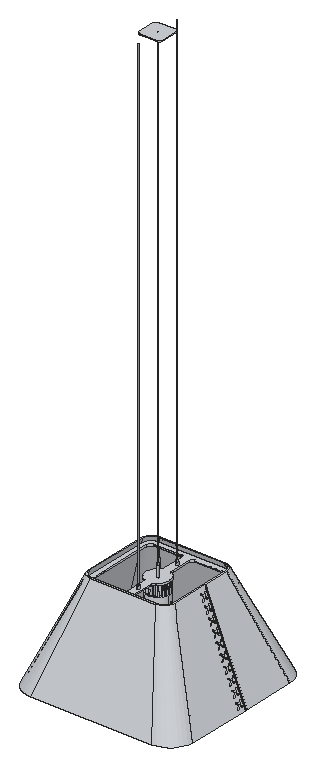
Revit family "BuzziSpace - BuzziShade - Square", category Lighting Fixtures, host Ceiling, Revit 2019 (continued)
Lines and regions (in)
  symbolic lines, visible <- "Beam", detail levels fine
    curve 139: spline (-25.91981, -0.4757, 0) -> (-25.92104, -0.48493, 0) -> (-25.92168, -0.49458, 0) -> (-25.9217, -0.50437, 0) -> (-25.92111, -0.51403, 0) -> (-25.91992, -0.52331, 0) -> (-25.91816, -0.53194, 0) -> (-25.91589, -0.53969, 0) -> (-25.91316, -0.54634, 0) -> (-25.91005, -0.55171, 0) -> (-25.90665, -0.55566, 0) -> (-25.90305, -0.55807, 0) -> (-25.89934, -0.55888, 0)
    curve 140: line (-25.91981, -0.4757, 0) -> (-25.7343, 0.01289, 0)
    curve 141: line (-26.24982, 0, 0) -> (-26.0759, 0.45807, 0)
    curve 142: spline (-26.0759, 0.45807, 0) -> (-26.07311, 0.46702, 0) -> (-26.07104, 0.47723, 0) -> (-26.06976, 0.48831, 0) -> (-26.06933, 0.49983, 0) -> (-26.06976, 0.51135, 0) -> (-26.07104, 0.52243, 0) -> (-26.07311, 0.53264, 0) -> (-26.0759, 0.54158, 0) -> (-26.0793, 0.54893, 0) -> (-26.08317, 0.55439, 0) -> (-26.08738, 0.55775, 0) -> (-26.09175, 0.55888, 0)
    curve 143: spline (-26.22325, 0.54158, 0) -> (-26.22218, 0.54423, 0) -> (-26.22104, 0.54668, 0) -> (-26.21985, 0.54893, 0) -> (-26.2186, 0.55097, 0) -> (-26.21731, 0.55279, 0) -> (-26.21597, 0.55439, 0) -> (-26.2146, 0.55575, 0) -> (-26.2132, 0.55687, 0) -> (-26.21177, 0.55775, 0) -> (-26.21032, 0.55838, 0) -> (-26.20886, 0.55875, 0) -> (-26.20739, 0.55888, 0)
    curve 144: line (-26.20739, 0.55888, 0) -> (-26.09175, 0.55888, 0)
    curve 145: line (-26.24982, 0, 0) -> (-26.0759, -0.45807, 0)
    curve 146: spline (-26.0759, -0.45807, 0) -> (-26.07311, -0.46702, 0) -> (-26.07104, -0.47723, 0) -> (-26.06976, -0.48831, 0) -> (-26.06933, -0.49983, 0) -> (-26.06976, -0.51135, 0) -> (-26.07104, -0.52243, 0) -> (-26.07311, -0.53264, 0) -> (-26.0759, -0.54158, 0) -> (-26.0793, -0.54893, 0) -> (-26.08317, -0.55439, 0) -> (-26.08738, -0.55775, 0) -> (-26.09175, -0.55888, 0)
    curve 147: spline (-26.22325, -0.54158, 0) -> (-26.22218, -0.54423, 0) -> (-26.22104, -0.54668, 0) -> (-26.21985, -0.54893, 0) -> (-26.2186, -0.55097, 0) -> (-26.21731, -0.55279, 0) -> (-26.21597, -0.55439, 0) -> (-26.2146, -0.55575, 0) -> (-26.2132, -0.55687, 0) -> (-26.21177, -0.55775, 0) -> (-26.21032, -0.55838, 0) -> (-26.20886, -0.55875, 0) -> (-26.20739, -0.55888, 0)
    curve 148: line (-26.20739, -0.55888, 0) -> (-26.09175, -0.55888, 0)
    curve 149: line (-26.33935, -0.2358, 0) -> (-26.22325, -0.54158, 0)
    curve 150: spline (-26.59752, 0.4757, 0) -> (-26.59875, 0.48493, 0) -> (-26.59939, 0.49458, 0) -> (-26.59941, 0.50437, 0) -> (-26.59882, 0.51403, 0) -> (-26.59763, 0.52331, 0) -> (-26.59587, 0.53194, 0) -> (-26.5936, 0.53969, 0) -> (-26.59087, 0.54634, 0) -> (-26.58776, 0.55171, 0) -> (-26.58436, 0.55566, 0) -> (-26.58076, 0.55807, 0) -> (-26.57705, 0.55888, 0)
    curve 151: line (-26.57705, 0.55888, 0) -> (-26.46202, 0.55888, 0)
    curve 152: line (-26.33935, 0.2358, 0) -> (-26.22325, 0.54158, 0)
    curve 153: line (-26.46202, 0.55888, 0) -> (-26.33935, 0.2358, 0)
    curve 154: line (-26.59752, 0.4757, 0) -> (-26.4218, 0.01289, 0)
    curve 155: line (-26.46202, -0.55888, 0) -> (-26.33935, -0.2358, 0)
    curve 156: line (-26.58684, -0.55888, 0) -> (-26.46202, -0.55888, 0)
    curve 157: spline (-26.60731, -0.4757, 0) -> (-26.60854, -0.48493, 0) -> (-26.60918, -0.49458, 0) -> (-26.6092, -0.50437, 0) -> (-26.60861, -0.51403, 0) -> (-26.60742, -0.52331, 0) -> (-26.60566, -0.53194, 0) -> (-26.60339, -0.53969, 0) -> (-26.60066, -0.54634, 0) -> (-26.59755, -0.55171, 0) -> (-26.59415, -0.55566, 0) -> (-26.59055, -0.55807, 0) -> (-26.58684, -0.55888, 0)
    curve 158: line (-26.60731, -0.4757, 0) -> (-26.4218, 0.01289, 0)
    curve 159: line (-26.93732, 0, 0) -> (-26.7634, 0.45807, 0)
    curve 160: spline (-26.7634, 0.45807, 0) -> (-26.76061, 0.46702, 0) -> (-26.75854, 0.47723, 0) -> (-26.75726, 0.48831, 0) -> (-26.75683, 0.49983, 0) -> (-26.75726, 0.51135, 0) -> (-26.75854, 0.52243, 0) -> (-26.76061, 0.53264, 0) -> (-26.7634, 0.54158, 0) -> (-26.7668, 0.54893, 0) -> (-26.77067, 0.55439, 0) -> (-26.77488, 0.55775, 0) -> (-26.77925, 0.55888, 0)
    curve 161: spline (-26.91075, 0.54158, 0) -> (-26.90968, 0.54423, 0) -> (-26.90854, 0.54668, 0) -> (-26.90735, 0.54893, 0) -> (-26.9061, 0.55097, 0) -> (-26.90481, 0.55279, 0) -> (-26.90347, 0.55439, 0) -> (-26.9021, 0.55575, 0) -> (-26.9007, 0.55687, 0) -> (-26.89927, 0.55775, 0) -> (-26.89782, 0.55838, 0) -> (-26.89636, 0.55875, 0) -> (-26.89489, 0.55888, 0)
    curve 162: line (-26.89489, 0.55888, 0) -> (-26.77925, 0.55888, 0)
    curve 163: line (-26.93732, 0, 0) -> (-26.7634, -0.45807, 0)
    curve 164: spline (-26.7634, -0.45807, 0) -> (-26.76061, -0.46702, 0) -> (-26.75854, -0.47723, 0) -> (-26.75726, -0.48831, 0) -> (-26.75683, -0.49983, 0) -> (-26.75726, -0.51135, 0) -> (-26.75854, -0.52243, 0) -> (-26.76061, -0.53264, 0) -> (-26.7634, -0.54158, 0) -> (-26.7668, -0.54893, 0) -> (-26.77067, -0.55439, 0) -> (-26.77488, -0.55775, 0) -> (-26.77925, -0.55888, 0)
    curve 165: spline (-26.91075, -0.54158, 0) -> (-26.90968, -0.54423, 0) -> (-26.90854, -0.54668, 0) -> (-26.90735, -0.54893, 0) -> (-26.9061, -0.55097, 0) -> (-26.90481, -0.55279, 0) -> (-26.90347, -0.55439, 0) -> (-26.9021, -0.55575, 0) -> (-26.9007, -0.55687, 0) -> (-26.89927, -0.55775, 0) -> (-26.89782, -0.55838, 0) -> (-26.89636, -0.55875, 0) -> (-26.89489, -0.55888, 0)
    curve 166: line (-26.89489, -0.55888, 0) -> (-26.77925, -0.55888, 0)
    curve 167: line (-27.02685, -0.2358, 0) -> (-26.91075, -0.54158, 0)
    curve 168: spline (-27.28502, 0.4757, 0) -> (-27.28625, 0.48493, 0) -> (-27.28689, 0.49458, 0) -> (-27.28691, 0.50437, 0) -> (-27.28632, 0.51403, 0) -> (-27.28513, 0.52331, 0) -> (-27.28337, 0.53194, 0) -> (-27.2811, 0.53969, 0) -> (-27.27837, 0.54634, 0) -> (-27.27526, 0.55171, 0) -> (-27.27186, 0.55566, 0) -> (-27.26826, 0.55807, 0) -> (-27.26455, 0.55888, 0)
    curve 169: line (-27.26455, 0.55888, 0) -> (-27.14952, 0.55888, 0)
    curve 170: line (-27.02685, 0.2358, 0) -> (-26.91075, 0.54158, 0)
    curve 171: line (-27.14952, 0.55888, 0) -> (-27.02685, 0.2358, 0)
    curve 172: line (-27.28502, 0.4757, 0) -> (-27.1093, 0.01289, 0)
    curve 173: line (-27.14952, -0.55888, 0) -> (-27.02685, -0.2358, 0)
    curve 174: line (-27.27434, -0.55888, 0) -> (-27.14952, -0.55888, 0)
    curve 175: spline (-27.29481, -0.4757, 0) -> (-27.29604, -0.48493, 0) -> (-27.29668, -0.49458, 0) -> (-27.2967, -0.50437, 0) -> (-27.29611, -0.51403, 0) -> (-27.29492, -0.52331, 0) -> (-27.29316, -0.53194, 0) -> (-27.29089, -0.53969, 0) -> (-27.28816, -0.54634, 0) -> (-27.28505, -0.55171, 0) -> (-27.28165, -0.55566, 0) -> (-27.27805, -0.55807, 0) -> (-27.27434, -0.55888, 0)
    curve 176: line (-27.29481, -0.4757, 0) -> (-27.1093, 0.01289, 0)
    curve 177: line (-27.62482, 0, 0) -> (-27.4509, 0.45807, 0)
    curve 178: spline (-27.4509, 0.45807, 0) -> (-27.44811, 0.46702, 0) -> (-27.44604, 0.47723, 0) -> (-27.44476, 0.48831, 0) -> (-27.44433, 0.49983, 0) -> (-27.44476, 0.51135, 0) -> (-27.44604, 0.52243, 0) -> (-27.44811, 0.53264, 0) -> (-27.4509, 0.54158, 0) -> (-27.4543, 0.54893, 0) -> (-27.45817, 0.55439, 0) -> (-27.46238, 0.55775, 0) -> (-27.46675, 0.55888, 0)
    curve 179: spline (-27.59825, 0.54158, 0) -> (-27.59718, 0.54423, 0) -> (-27.59604, 0.54668, 0) -> (-27.59485, 0.54893, 0) -> (-27.5936, 0.55097, 0) -> (-27.59231, 0.55279, 0) -> (-27.59097, 0.55439, 0) -> (-27.5896, 0.55575, 0) -> (-27.5882, 0.55687, 0) -> (-27.58677, 0.55775, 0) -> (-27.58532, 0.55838, 0) -> (-27.58386, 0.55875, 0) -> (-27.58239, 0.55888, 0)
    curve 180: line (-27.58239, 0.55888, 0) -> (-27.46675, 0.55888, 0)
    curve 181: line (-27.62482, 0, 0) -> (-27.4509, -0.45807, 0)
    curve 182: spline (-27.4509, -0.45807, 0) -> (-27.44811, -0.46702, 0) -> (-27.44604, -0.47723, 0) -> (-27.44476, -0.48831, 0) -> (-27.44433, -0.49983, 0) -> (-27.44476, -0.51135, 0) -> (-27.44604, -0.52243, 0) -> (-27.44811, -0.53264, 0) -> (-27.4509, -0.54158, 0) -> (-27.4543, -0.54893, 0) -> (-27.45817, -0.55439, 0) -> (-27.46238, -0.55775, 0) -> (-27.46675, -0.55888, 0)
    curve 183: spline (-27.59825, -0.54158, 0) -> (-27.59718, -0.54423, 0) -> (-27.59604, -0.54668, 0) -> (-27.59485, -0.54893, 0) -> (-27.5936, -0.55097, 0) -> (-27.59231, -0.55279, 0) -> (-27.59097, -0.55439, 0) -> (-27.5896, -0.55575, 0) -> (-27.5882, -0.55687, 0) -> (-27.58677, -0.55775, 0) -> (-27.58532, -0.55838, 0) -> (-27.58386, -0.55875, 0) -> (-27.58239, -0.55888, 0)
    curve 184: line (-27.58239, -0.55888, 0) -> (-27.46675, -0.55888, 0)
    curve 185: line (-27.71435, -0.2358, 0) -> (-27.59825, -0.54158, 0)
    curve 186: spline (-27.97252, 0.4757, 0) -> (-27.97375, 0.48493, 0) -> (-27.97439, 0.49458, 0) -> (-27.97441, 0.50437, 0) -> (-27.97382, 0.51403, 0) -> (-27.97263, 0.52331, 0) -> (-27.97087, 0.53194, 0) -> (-27.9686, 0.53969, 0) -> (-27.96587, 0.54634, 0) -> (-27.96276, 0.55171, 0) -> (-27.95936, 0.55566, 0) -> (-27.95576, 0.55807, 0) -> (-27.95205, 0.55888, 0)
    curve 187: line (-27.95205, 0.55888, 0) -> (-27.83702, 0.55888, 0)
    curve 188: line (-27.71435, 0.2358, 0) -> (-27.59825, 0.54158, 0)
    curve 189: line (-27.83702, 0.55888, 0) -> (-27.71435, 0.2358, 0)
    curve 190: line (-27.97252, 0.4757, 0) -> (-27.7968, 0.01289, 0)
    curve 191: line (-27.83702, -0.55888, 0) -> (-27.71435, -0.2358, 0)
    curve 192: line (-27.96184, -0.55888, 0) -> (-27.83702, -0.55888, 0)
    curve 193: spline (-27.98231, -0.4757, 0) -> (-27.98354, -0.48493, 0) -> (-27.98418, -0.49458, 0) -> (-27.9842, -0.50437, 0) -> (-27.98361, -0.51403, 0) -> (-27.98242, -0.52331, 0) -> (-27.98066, -0.53194, 0) -> (-27.97839, -0.53969, 0) -> (-27.97566, -0.54634, 0) -> (-27.97255, -0.55171, 0) -> (-27.96915, -0.55566, 0) -> (-27.96555, -0.55807, 0) -> (-27.96184, -0.55888, 0)
    curve 194: line (-27.98231, -0.4757, 0) -> (-27.7968, 0.01289, 0)
    curve 195: line (22.81232, 0, 0) -> (22.6384, 0.45807, 0)
    curve 196: spline (22.6384, 0.45807, 0) -> (22.63561, 0.46702, 0) -> (22.63354, 0.47723, 0) -> (22.63226, 0.48831, 0) -> (22.63183, 0.49983, 0) -> (22.63226, 0.51135, 0) -> (22.63354, 0.52243, 0) -> (22.63561, 0.53264, 0) -> (22.6384, 0.54158, 0) -> (22.6418, 0.54893, 0) -> (22.64567, 0.55439, 0) -> (22.64988, 0.55775, 0) -> (22.65425, 0.55888, 0)
    curve 197: spline (22.78575, 0.54158, 0) -> (22.78468, 0.54423, 0) -> (22.78354, 0.54668, 0) -> (22.78235, 0.54893, 0) -> (22.7811, 0.55097, 0) -> (22.77981, 0.55279, 0) -> (22.77847, 0.55439, 0) -> (22.7771, 0.55575, 0) -> (22.7757, 0.55687, 0) -> (22.77427, 0.55775, 0) -> (22.77282, 0.55838, 0) -> (22.77136, 0.55875, 0) -> (22.76989, 0.55888, 0)
    curve 198: line (22.76989, 0.55888, 0) -> (22.65425, 0.55888, 0)
    curve 199: line (22.81232, 0, 0) -> (22.6384, -0.45807, 0)
    curve 200: spline (22.6384, -0.45807, 0) -> (22.63561, -0.46702, 0) -> (22.63354, -0.47723, 0) -> (22.63226, -0.48831, 0) -> (22.63183, -0.49983, 0) -> (22.63226, -0.51135, 0) -> (22.63354, -0.52243, 0) -> (22.63561, -0.53264, 0) -> (22.6384, -0.54158, 0) -> (22.6418, -0.54893, 0) -> (22.64567, -0.55439, 0) -> (22.64988, -0.55775, 0) -> (22.65425, -0.55888, 0)
    curve 201: spline (22.78575, -0.54158, 0) -> (22.78468, -0.54423, 0) -> (22.78354, -0.54668, 0) -> (22.78235, -0.54893, 0) -> (22.7811, -0.55097, 0) -> (22.77981, -0.55279, 0) -> (22.77847, -0.55439, 0) -> (22.7771, -0.55575, 0) -> (22.7757, -0.55687, 0) -> (22.77427, -0.55775, 0) -> (22.77282, -0.55838, 0) -> (22.77136, -0.55875, 0) -> (22.76989, -0.55888, 0)
    curve 202: line (22.76989, -0.55888, 0) -> (22.65425, -0.55888, 0)
    curve 203: line (22.90185, -0.2358, 0) -> (22.78575, -0.54158, 0)
    curve 204: spline (23.16002, 0.4757, 0) -> (23.16125, 0.48493, 0) -> (23.16189, 0.49458, 0) -> (23.16191, 0.50437, 0) -> (23.16132, 0.51403, 0) -> (23.16013, 0.52331, 0) -> (23.15837, 0.53194, 0) -> (23.1561, 0.53969, 0) -> (23.15337, 0.54634, 0) -> (23.15026, 0.55171, 0) -> (23.14686, 0.55566, 0) -> (23.14326, 0.55807, 0) -> (23.13955, 0.55888, 0)
    curve 205: line (23.13955, 0.55888, 0) -> (23.02452, 0.55888, 0)
    curve 206: line (22.90185, 0.2358, 0) -> (22.78575, 0.54158, 0)
    curve 207: line (23.02452, 0.55888, 0) -> (22.90185, 0.2358, 0)
    curve 208: line (23.16002, 0.4757, 0) -> (22.9843, 0.01289, 0)
    curve 209: line (23.02452, -0.55888, 0) -> (22.90185, -0.2358, 0)
    curve 210: line (23.14934, -0.55888, 0) -> (23.02452, -0.55888, 0)
    curve 211: spline (23.16981, -0.4757, 0) -> (23.17104, -0.48493, 0) -> (23.17168, -0.49458, 0) -> (23.1717, -0.50437, 0) -> (23.17111, -0.51403, 0) -> (23.16992, -0.52331, 0) -> (23.16816, -0.53194, 0) -> (23.16589, -0.53969, 0) -> (23.16316, -0.54634, 0) -> (23.16005, -0.55171, 0) -> (23.15665, -0.55566, 0) -> (23.15305, -0.55807, 0) -> (23.14934, -0.55888, 0)
    curve 212: line (23.16981, -0.4757, 0) -> (22.9843, 0.01289, 0)
    curve 213: line (23.49982, 0, 0) -> (23.3259, 0.45807, 0)
    curve 214: spline (23.3259, 0.45807, 0) -> (23.32311, 0.46702, 0) -> (23.32104, 0.47723, 0) -> (23.31976, 0.48831, 0) -> (23.31933, 0.49983, 0) -> (23.31976, 0.51135, 0) -> (23.32104, 0.52243, 0) -> (23.32311, 0.53264, 0) -> (23.3259, 0.54158, 0) -> (23.3293, 0.54893, 0) -> (23.33317, 0.55439, 0) -> (23.33738, 0.55775, 0) -> (23.34175, 0.55888, 0)
    curve 215: spline (23.47325, 0.54158, 0) -> (23.47218, 0.54423, 0) -> (23.47104, 0.54668, 0) -> (23.46985, 0.54893, 0) -> (23.4686, 0.55097, 0) -> (23.46731, 0.55279, 0) -> (23.46597, 0.55439, 0) -> (23.4646, 0.55575, 0) -> (23.4632, 0.55687, 0) -> (23.46177, 0.55775, 0) -> (23.46032, 0.55838, 0) -> (23.45886, 0.55875, 0) -> (23.45739, 0.55888, 0)
    curve 216: line (23.45739, 0.55888, 0) -> (23.34175, 0.55888, 0)
    curve 217: line (23.49982, 0, 0) -> (23.3259, -0.45807, 0)
    curve 218: spline (23.3259, -0.45807, 0) -> (23.32311, -0.46702, 0) -> (23.32104, -0.47723, 0) -> (23.31976, -0.48831, 0) -> (23.31933, -0.49983, 0) -> (23.31976, -0.51135, 0) -> (23.32104, -0.52243, 0) -> (23.32311, -0.53264, 0) -> (23.3259, -0.54158, 0) -> (23.3293, -0.54893, 0) -> (23.33317, -0.55439, 0) -> (23.33738, -0.55775, 0) -> (23.34175, -0.55888, 0)
    curve 219: spline (23.47325, -0.54158, 0) -> (23.47218, -0.54423, 0) -> (23.47104, -0.54668, 0) -> (23.46985, -0.54893, 0) -> (23.4686, -0.55097, 0) -> (23.46731, -0.55279, 0) -> (23.46597, -0.55439, 0) -> (23.4646, -0.55575, 0) -> (23.4632, -0.55687, 0) -> (23.46177, -0.55775, 0) -> (23.46032, -0.55838, 0) -> (23.45886, -0.55875, 0) -> (23.45739, -0.55888, 0)
    curve 220: line (23.45739, -0.55888, 0) -> (23.34175, -0.55888, 0)
    curve 221: line (23.58935, -0.2358, 0) -> (23.47325, -0.54158, 0)
    curve 222: spline (23.84752, 0.4757, 0) -> (23.84875, 0.48493, 0) -> (23.84939, 0.49458, 0) -> (23.84941, 0.50437, 0) -> (23.84882, 0.51403, 0) -> (23.84763, 0.52331, 0) -> (23.84587, 0.53194, 0) -> (23.8436, 0.53969, 0) -> (23.84087, 0.54634, 0) -> (23.83776, 0.55171, 0) -> (23.83436, 0.55566, 0) -> (23.83076, 0.55807, 0) -> (23.82705, 0.55888, 0)
    curve 223: line (23.82705, 0.55888, 0) -> (23.71202, 0.55888, 0)
    curve 224: line (23.58935, 0.2358, 0) -> (23.47325, 0.54158, 0)
    curve 225: line (23.71202, 0.55888, 0) -> (23.58935, 0.2358, 0)
    curve 226: line (23.84752, 0.4757, 0) -> (23.6718, 0.01289, 0)
    curve 227: line (23.71202, -0.55888, 0) -> (23.58935, -0.2358, 0)
    curve 228: line (23.83684, -0.55888, 0) -> (23.71202, -0.55888, 0)
    curve 229: spline (23.85731, -0.4757, 0) -> (23.85854, -0.48493, 0) -> (23.85918, -0.49458, 0) -> (23.8592, -0.50437, 0) -> (23.85861, -0.51403, 0) -> (23.85742, -0.52331, 0) -> (23.85566, -0.53194, 0) -> (23.85339, -0.53969, 0) -> (23.85066, -0.54634, 0) -> (23.84755, -0.55171, 0) -> (23.84415, -0.55566, 0) -> (23.84055, -0.55807, 0) -> (23.83684, -0.55888, 0)
    curve 230: line (23.85731, -0.4757, 0) -> (23.6718, 0.01289, 0)
    curve 231: line (24.18732, 0, 0) -> (24.0134, 0.45807, 0)
    curve 232: spline (24.0134, 0.45807, 0) -> (24.01061, 0.46702, 0) -> (24.00854, 0.47723, 0) -> (24.00726, 0.48831, 0) -> (24.00683, 0.49983, 0) -> (24.00726, 0.51135, 0) -> (24.00854, 0.52243, 0) -> (24.01061, 0.53264, 0) -> (24.0134, 0.54158, 0) -> (24.0168, 0.54893, 0) -> (24.02067, 0.55439, 0) -> (24.02488, 0.55775, 0) -> (24.02925, 0.55888, 0)
    curve 233: spline (24.16075, 0.54158, 0) -> (24.15968, 0.54423, 0) -> (24.15854, 0.54668, 0) -> (24.15735, 0.54893, 0) -> (24.1561, 0.55097, 0) -> (24.15481, 0.55279, 0) -> (24.15347, 0.55439, 0) -> (24.1521, 0.55575, 0) -> (24.1507, 0.55687, 0) -> (24.14927, 0.55775, 0) -> (24.14782, 0.55838, 0) -> (24.14636, 0.55875, 0) -> (24.14489, 0.55888, 0)
    curve 234: line (24.14489, 0.55888, 0) -> (24.02925, 0.55888, 0)
    curve 235: line (24.18732, 0, 0) -> (24.0134, -0.45807, 0)
    curve 236: spline (24.0134, -0.45807, 0) -> (24.01061, -0.46702, 0) -> (24.00854, -0.47723, 0) -> (24.00726, -0.48831, 0) -> (24.00683, -0.49983, 0) -> (24.00726, -0.51135, 0) -> (24.00854, -0.52243, 0) -> (24.01061, -0.53264, 0) -> (24.0134, -0.54158, 0) -> (24.0168, -0.54893, 0) -> (24.02067, -0.55439, 0) -> (24.02488, -0.55775, 0) -> (24.02925, -0.55888, 0)
    curve 237: spline (24.16075, -0.54158, 0) -> (24.15968, -0.54423, 0) -> (24.15854, -0.54668, 0) -> (24.15735, -0.54893, 0) -> (24.1561, -0.55097, 0) -> (24.15481, -0.55279, 0) -> (24.15347, -0.55439, 0) -> (24.1521, -0.55575, 0) -> (24.1507, -0.55687, 0) -> (24.14927, -0.55775, 0) -> (24.14782, -0.55838, 0) -> (24.14636, -0.55875, 0) -> (24.14489, -0.55888, 0)
    curve 238: line (24.14489, -0.55888, 0) -> (24.02925, -0.55888, 0)
    curve 239: line (24.27685, -0.2358, 0) -> (24.16075, -0.54158, 0)
    curve 240: spline (24.53502, 0.4757, 0) -> (24.53625, 0.48493, 0) -> (24.53689, 0.49458, 0) -> (24.53691, 0.50437, 0) -> (24.53632, 0.51403, 0) -> (24.53513, 0.52331, 0) -> (24.53337, 0.53194, 0) -> (24.5311, 0.53969, 0) -> (24.52837, 0.54634, 0) -> (24.52526, 0.55171, 0) -> (24.52186, 0.55566, 0) -> (24.51826, 0.55807, 0) -> (24.51455, 0.55888, 0)
    curve 241: line (24.51455, 0.55888, 0) -> (24.39952, 0.55888, 0)
    curve 242: line (24.27685, 0.2358, 0) -> (24.16075, 0.54158, 0)
    curve 243: line (24.39952, 0.55888, 0) -> (24.27685, 0.2358, 0)
    curve 244: line (24.53502, 0.4757, 0) -> (24.3593, 0.01289, 0)
    curve 245: line (24.39952, -0.55888, 0) -> (24.27685, -0.2358, 0)
    curve 246: line (24.52434, -0.55888, 0) -> (24.39952, -0.55888, 0)
    curve 247: spline (24.54481, -0.4757, 0) -> (24.54604, -0.48493, 0) -> (24.54668, -0.49458, 0) -> (24.5467, -0.50437, 0) -> (24.54611, -0.51403, 0) -> (24.54492, -0.52331, 0) -> (24.54316, -0.53194, 0) -> (24.54089, -0.53969, 0) -> (24.53816, -0.54634, 0) -> (24.53505, -0.55171, 0) -> (24.53165, -0.55566, 0) -> (24.52805, -0.55807, 0) -> (24.52434, -0.55888, 0)
    curve 248: line (24.54481, -0.4757, 0) -> (24.3593, 0.01289, 0)
    curve 249: line (24.87482, 0, 0) -> (24.7009, 0.45807, 0)
    curve 250: spline (24.7009, 0.45807, 0) -> (24.69811, 0.46702, 0) -> (24.69604, 0.47723, 0) -> (24.69476, 0.48831, 0) -> (24.69433, 0.49983, 0) -> (24.69476, 0.51135, 0) -> (24.69604, 0.52243, 0) -> (24.69811, 0.53264, 0) -> (24.7009, 0.54158, 0) -> (24.7043, 0.54893, 0) -> (24.70817, 0.55439, 0) -> (24.71238, 0.55775, 0) -> (24.71675, 0.55888, 0)
    curve 251: spline (24.84825, 0.54158, 0) -> (24.84718, 0.54423, 0) -> (24.84604, 0.54668, 0) -> (24.84485, 0.54893, 0) -> (24.8436, 0.55097, 0) -> (24.84231, 0.55279, 0) -> (24.84097, 0.55439, 0) -> (24.8396, 0.55575, 0) -> (24.8382, 0.55687, 0) -> (24.83677, 0.55775, 0) -> (24.83532, 0.55838, 0) -> (24.83386, 0.55875, 0) -> (24.83239, 0.55888, 0)
    curve 252: line (24.83239, 0.55888, 0) -> (24.71675, 0.55888, 0)
    curve 253: line (24.87482, 0, 0) -> (24.7009, -0.45807, 0)
    curve 254: spline (24.7009, -0.45807, 0) -> (24.69811, -0.46702, 0) -> (24.69604, -0.47723, 0) -> (24.69476, -0.48831, 0) -> (24.69433, -0.49983, 0) -> (24.69476, -0.51135, 0) -> (24.69604, -0.52243, 0) -> (24.69811, -0.53264, 0) -> (24.7009, -0.54158, 0) -> (24.7043, -0.54893, 0) -> (24.70817, -0.55439, 0) -> (24.71238, -0.55775, 0) -> (24.71675, -0.55888, 0)
    curve 255: spline (24.84825, -0.54158, 0) -> (24.84718, -0.54423, 0) -> (24.84604, -0.54668, 0) -> (24.84485, -0.54893, 0) -> (24.8436, -0.55097, 0) -> (24.84231, -0.55279, 0) -> (24.84097, -0.55439, 0) -> (24.8396, -0.55575, 0) -> (24.8382, -0.55687, 0) -> (24.83677, -0.55775, 0) -> (24.83532, -0.55838, 0) -> (24.83386, -0.55875, 0) -> (24.83239, -0.55888, 0)
    curve 256: line (24.83239, -0.55888, 0) -> (24.71675, -0.55888, 0)
    curve 257: line (24.96435, -0.2358, 0) -> (24.84825, -0.54158, 0)
    curve 258: spline (25.22252, 0.4757, 0) -> (25.22375, 0.48493, 0) -> (25.22439, 0.49458, 0) -> (25.22441, 0.50437, 0) -> (25.22382, 0.51403, 0) -> (25.22263, 0.52331, 0) -> (25.22087, 0.53194, 0) -> (25.2186, 0.53969, 0) -> (25.21587, 0.54634, 0) -> (25.21276, 0.55171, 0) -> (25.20936, 0.55566, 0) -> (25.20576, 0.55807, 0) -> (25.20205, 0.55888, 0)
    curve 259: line (25.20205, 0.55888, 0) -> (25.08702, 0.55888, 0)
    curve 260: line (24.96435, 0.2358, 0) -> (24.84825, 0.54158, 0)
    curve 261: line (25.08702, 0.55888, 0) -> (24.96435, 0.2358, 0)
    curve 262: line (25.22252, 0.4757, 0) -> (25.0468, 0.01289, 0)
    curve 263: line (25.08702, -0.55888, 0) -> (24.96435, -0.2358, 0)
    curve 264: line (25.21184, -0.55888, 0) -> (25.08702, -0.55888, 0)
    curve 265: spline (25.23231, -0.4757, 0) -> (25.23354, -0.48493, 0) -> (25.23418, -0.49458, 0) -> (25.2342, -0.50437, 0) -> (25.23361, -0.51403, 0) -> (25.23242, -0.52331, 0) -> (25.23066, -0.53194, 0) -> (25.22839, -0.53969, 0) -> (25.22566, -0.54634, 0) -> (25.22255, -0.55171, 0) -> (25.21915, -0.55566, 0) -> (25.21555, -0.55807, 0) -> (25.21184, -0.55888, 0)
    curve 266: line (25.23231, -0.4757, 0) -> (25.0468, 0.01289, 0)
    curve 267: line (25.56232, 0, 0) -> (25.3884, 0.45807, 0)
    curve 268: spline (25.3884, 0.45807, 0) -> (25.38561, 0.46702, 0) -> (25.38354, 0.47723, 0) -> (25.38226, 0.48831, 0) -> (25.38183, 0.49983, 0) -> (25.38226, 0.51135, 0) -> (25.38354, 0.52243, 0) -> (25.38561, 0.53264, 0) -> (25.3884, 0.54158, 0) -> (25.3918, 0.54893, 0) -> (25.39567, 0.55439, 0) -> (25.39988, 0.55775, 0) -> (25.40425, 0.55888, 0)
    curve 269: spline (25.53575, 0.54158, 0) -> (25.53468, 0.54423, 0) -> (25.53354, 0.54668, 0) -> (25.53235, 0.54893, 0) -> (25.5311, 0.55097, 0) -> (25.52981, 0.55279, 0) -> (25.52847, 0.55439, 0) -> (25.5271, 0.55575, 0) -> (25.5257, 0.55687, 0) -> (25.52427, 0.55775, 0) -> (25.52282, 0.55838, 0) -> (25.52136, 0.55875, 0) -> (25.51989, 0.55888, 0)
    curve 270: line (25.51989, 0.55888, 0) -> (25.40425, 0.55888, 0)
    curve 271: line (25.56232, 0, 0) -> (25.3884, -0.45807, 0)
    curve 272: spline (25.3884, -0.45807, 0) -> (25.38561, -0.46702, 0) -> (25.38354, -0.47723, 0) -> (25.38226, -0.48831, 0) -> (25.38183, -0.49983, 0) -> (25.38226, -0.51135, 0) -> (25.38354, -0.52243, 0) -> (25.38561, -0.53264, 0) -> (25.3884, -0.54158, 0) -> (25.3918, -0.54893, 0) -> (25.39567, -0.55439, 0) -> (25.39988, -0.55775, 0) -> (25.40425, -0.55888, 0)
    curve 273: spline (25.53575, -0.54158, 0) -> (25.53468, -0.54423, 0) -> (25.53354, -0.54668, 0) -> (25.53235, -0.54893, 0) -> (25.5311, -0.55097, 0) -> (25.52981, -0.55279, 0) -> (25.52847, -0.55439, 0) -> (25.5271, -0.55575, 0) -> (25.5257, -0.55687, 0) -> (25.52427, -0.55775, 0) -> (25.52282, -0.55838, 0) -> (25.52136, -0.55875, 0) -> (25.51989, -0.55888, 0)
    curve 274: line (25.51989, -0.55888, 0) -> (25.40425, -0.55888, 0)
    curve 275: line (25.65185, -0.2358, 0) -> (25.53575, -0.54158, 0)
    curve 276: spline (25.91002, 0.4757, 0) -> (25.91125, 0.48493, 0) -> (25.91189, 0.49458, 0) -> (25.91191, 0.50437, 0) -> (25.91132, 0.51403, 0) -> (25.91013, 0.52331, 0) -> (25.90837, 0.53194, 0) -> (25.9061, 0.53969, 0) -> (25.90337, 0.54634, 0) -> (25.90026, 0.55171, 0) -> (25.89686, 0.55566, 0) -> (25.89326, 0.55807, 0) -> (25.88955, 0.55888, 0)
    curve 277: line (25.88955, 0.55888, 0) -> (25.77452, 0.55888, 0)
    curve 278: line (25.65185, 0.2358, 0) -> (25.53575, 0.54158, 0)
    curve 279: line (25.77452, 0.55888, 0) -> (25.65185, 0.2358, 0)
    curve 280: line (25.91002, 0.4757, 0) -> (25.7343, 0.01289, 0)
    curve 281: line (25.77452, -0.55888, 0) -> (25.65185, -0.2358, 0)
    curve 282: line (25.89934, -0.55888, 0) -> (25.77452, -0.55888, 0)
    curve 283: spline (25.91981, -0.4757, 0) -> (25.92104, -0.48493, 0) -> (25.92168, -0.49458, 0) -> (25.9217, -0.50437, 0) -> (25.92111, -0.51403, 0) -> (25.91992, -0.52331, 0) -> (25.91816, -0.53194, 0) -> (25.91589, -0.53969, 0) -> (25.91316, -0.54634, 0) -> (25.91005, -0.55171, 0) -> (25.90665, -0.55566, 0) -> (25.90305, -0.55807, 0) -> (25.89934, -0.55888, 0)
    curve 284: line (25.91981, -0.4757, 0) -> (25.7343, 0.01289, 0)
    curve 285: line (26.24982, 0, 0) -> (26.0759, 0.45807, 0)
    curve 286: spline (26.0759, 0.45807, 0) -> (26.07311, 0.46702, 0) -> (26.07104, 0.47723, 0) -> (26.06976, 0.48831, 0) -> (26.06933, 0.49983, 0) -> (26.06976, 0.51135, 0) -> (26.07104, 0.52243, 0) -> (26.07311, 0.53264, 0) -> (26.0759, 0.54158, 0) -> (26.0793, 0.54893, 0) -> (26.08317, 0.55439, 0) -> (26.08738, 0.55775, 0) -> (26.09175, 0.55888, 0)
    curve 287: spline (26.22325, 0.54158, 0) -> (26.22218, 0.54423, 0) -> (26.22104, 0.54668, 0) -> (26.21985, 0.54893, 0) -> (26.2186, 0.55097, 0) -> (26.21731, 0.55279, 0) -> (26.21597, 0.55439, 0) -> (26.2146, 0.55575, 0) -> (26.2132, 0.55687, 0) -> (26.21177, 0.55775, 0) -> (26.21032, 0.55838, 0) -> (26.20886, 0.55875, 0) -> (26.20739, 0.55888, 0)
    curve 288: line (26.20739, 0.55888, 0) -> (26.09175, 0.55888, 0)
    curve 289: line (26.24982, 0, 0) -> (26.0759, -0.45807, 0)
    curve 290: spline (26.0759, -0.45807, 0) -> (26.07311, -0.46702, 0) -> (26.07104, -0.47723, 0) -> (26.06976, -0.48831, 0) -> (26.06933, -0.49983, 0) -> (26.06976, -0.51135, 0) -> (26.07104, -0.52243, 0) -> (26.07311, -0.53264, 0) -> (26.0759, -0.54158, 0) -> (26.0793, -0.54893, 0) -> (26.08317, -0.55439, 0) -> (26.08738, -0.55775, 0) -> (26.09175, -0.55888, 0)
    curve 291: spline (26.22325, -0.54158, 0) -> (26.22218, -0.54423, 0) -> (26.22104, -0.54668, 0) -> (26.21985, -0.54893, 0) -> (26.2186, -0.55097, 0) -> (26.21731, -0.55279, 0) -> (26.21597, -0.55439, 0) -> (26.2146, -0.55575, 0) -> (26.2132, -0.55687, 0) -> (26.21177, -0.55775, 0) -> (26.21032, -0.55838, 0) -> (26.20886, -0.55875, 0) -> (26.20739, -0.55888, 0)
    curve 292: line (26.20739, -0.55888, 0) -> (26.09175, -0.55888, 0)
    curve 293: line (26.33935, -0.2358, 0) -> (26.22325, -0.54158, 0)
    curve 294: spline (26.59752, 0.4757, 0) -> (26.59875, 0.48493, 0) -> (26.59939, 0.49458, 0) -> (26.59941, 0.50437, 0) -> (26.59882, 0.51403, 0) -> (26.59763, 0.52331, 0) -> (26.59587, 0.53194, 0) -> (26.5936, 0.53969, 0) -> (26.59087, 0.54634, 0) -> (26.58776, 0.55171, 0) -> (26.58436, 0.55566, 0) -> (26.58076, 0.55807, 0) -> (26.57705, 0.55888, 0)
    curve 295: line (26.57705, 0.55888, 0) -> (26.46202, 0.55888, 0)
    curve 296: line (26.33935, 0.2358, 0) -> (26.22325, 0.54158, 0)
    curve 297: line (26.46202, 0.55888, 0) -> (26.33935, 0.2358, 0)
    curve 298: line (26.59752, 0.4757, 0) -> (26.4218, 0.01289, 0)
    curve 299: line (26.46202, -0.55888, 0) -> (26.33935, -0.2358, 0)
    curve 300: line (26.58684, -0.55888, 0) -> (26.46202, -0.55888, 0)
    curve 301: spline (26.60731, -0.4757, 0) -> (26.60854, -0.48493, 0) -> (26.60918, -0.49458, 0) -> (26.6092, -0.50437, 0) -> (26.60861, -0.51403, 0) -> (26.60742, -0.52331, 0) -> (26.60566, -0.53194, 0) -> (26.60339, -0.53969, 0) -> (26.60066, -0.54634, 0) -> (26.59755, -0.55171, 0) -> (26.59415, -0.55566, 0) -> (26.59055, -0.55807, 0) -> (26.58684, -0.55888, 0)
    curve 302: line (26.60731, -0.4757, 0) -> (26.4218, 0.01289, 0)
    curve 303: line (26.93732, 0, 0) -> (26.7634, 0.45807, 0)
    curve 304: spline (26.7634, 0.45807, 0) -> (26.76061, 0.46702, 0) -> (26.75854, 0.47723, 0) -> (26.75726, 0.48831, 0) -> (26.75683, 0.49983, 0) -> (26.75726, 0.51135, 0) -> (26.75854, 0.52243, 0) -> (26.76061, 0.53264, 0) -> (26.7634, 0.54158, 0) -> (26.7668, 0.54893, 0) -> (26.77067, 0.55439, 0) -> (26.77488, 0.55775, 0) -> (26.77925, 0.55888, 0)
    curve 305: spline (26.91075, 0.54158, 0) -> (26.90968, 0.54423, 0) -> (26.90854, 0.54668, 0) -> (26.90735, 0.54893, 0) -> (26.9061, 0.55097, 0) -> (26.90481, 0.55279, 0) -> (26.90347, 0.55439, 0) -> (26.9021, 0.55575, 0) -> (26.9007, 0.55687, 0) -> (26.89927, 0.55775, 0) -> (26.89782, 0.55838, 0) -> (26.89636, 0.55875, 0) -> (26.89489, 0.55888, 0)
    curve 306: line (26.89489, 0.55888, 0) -> (26.77925, 0.55888, 0)
    curve 307: line (26.93732, 0, 0) -> (26.7634, -0.45807, 0)
    curve 308: spline (26.7634, -0.45807, 0) -> (26.76061, -0.46702, 0) -> (26.75854, -0.47723, 0) -> (26.75726, -0.48831, 0) -> (26.75683, -0.49983, 0) -> (26.75726, -0.51135, 0) -> (26.75854, -0.52243, 0) -> (26.76061, -0.53264, 0) -> (26.7634, -0.54158, 0) -> (26.7668, -0.54893, 0) -> (26.77067, -0.55439, 0) -> (26.77488, -0.55775, 0) -> (26.77925, -0.55888, 0)
    curve 309: spline (26.91075, -0.54158, 0) -> (26.90968, -0.54423, 0) -> (26.90854, -0.54668, 0) -> (26.90735, -0.54893, 0) -> (26.9061, -0.55097, 0) -> (26.90481, -0.55279, 0) -> (26.90347, -0.55439, 0) -> (26.9021, -0.55575, 0) -> (26.9007, -0.55687, 0) -> (26.89927, -0.55775, 0) -> (26.89782, -0.55838, 0) -> (26.89636, -0.55875, 0) -> (26.89489, -0.55888, 0)
    curve 310: line (26.89489, -0.55888, 0) -> (26.77925, -0.55888, 0)
    curve 311: line (27.02685, -0.2358, 0) -> (26.91075, -0.54158, 0)
    curve 312: spline (27.28502, 0.4757, 0) -> (27.28625, 0.48493, 0) -> (27.28689, 0.49458, 0) -> (27.28691, 0.50437, 0) -> (27.28632, 0.51403, 0) -> (27.28513, 0.52331, 0) -> (27.28337, 0.53194, 0) -> (27.2811, 0.53969, 0) -> (27.27837, 0.54634, 0) -> (27.27526, 0.55171, 0) -> (27.27186, 0.55566, 0) -> (27.26826, 0.55807, 0) -> (27.26455, 0.55888, 0)
    curve 313: line (27.26455, 0.55888, 0) -> (27.14952, 0.55888, 0)
    curve 314: line (27.02685, 0.2358, 0) -> (26.91075, 0.54158, 0)
    curve 315: line (27.14952, 0.55888, 0) -> (27.02685, 0.2358, 0)
    curve 316: line (27.28502, 0.4757, 0) -> (27.1093, 0.01289, 0)
    curve 317: line (27.14952, -0.55888, 0) -> (27.02685, -0.2358, 0)
    curve 318: line (27.27434, -0.55888, 0) -> (27.14952, -0.55888, 0)
    curve 319: spline (27.29481, -0.4757, 0) -> (27.29604, -0.48493, 0) -> (27.29668, -0.49458, 0) -> (27.2967, -0.50437, 0) -> (27.29611, -0.51403, 0) -> (27.29492, -0.52331, 0) -> (27.29316, -0.53194, 0) -> (27.29089, -0.53969, 0) -> (27.28816, -0.54634, 0) -> (27.28505, -0.55171, 0) -> (27.28165, -0.55566, 0) -> (27.27805, -0.55807, 0) -> (27.27434, -0.55888, 0)
    curve 320: line (27.29481, -0.4757, 0) -> (27.1093, 0.01289, 0)
    curve 321: line (27.62482, 0, 0) -> (27.4509, 0.45807, 0)
    curve 322: spline (27.4509, 0.45807, 0) -> (27.44811, 0.46702, 0) -> (27.44604, 0.47723, 0) -> (27.44476, 0.48831, 0) -> (27.44433, 0.49983, 0) -> (27.44476, 0.51135, 0) -> (27.44604, 0.52243, 0) -> (27.44811, 0.53264, 0) -> (27.4509, 0.54158, 0) -> (27.4543, 0.54893, 0) -> (27.45817, 0.55439, 0) -> (27.46238, 0.55775, 0) -> (27.46675, 0.55888, 0)
    curve 323: spline (27.59825, 0.54158, 0) -> (27.59718, 0.54423, 0) -> (27.59604, 0.54668, 0) -> (27.59485, 0.54893, 0) -> (27.5936, 0.55097, 0) -> (27.59231, 0.55279, 0) -> (27.59097, 0.55439, 0) -> (27.5896, 0.55575, 0) -> (27.5882, 0.55687, 0) -> (27.58677, 0.55775, 0) -> (27.58532, 0.55838, 0) -> (27.58386, 0.55875, 0) -> (27.58239, 0.55888, 0)
    curve 324: line (27.58239, 0.55888, 0) -> (27.46675, 0.55888, 0)
    curve 325: line (27.62482, 0, 0) -> (27.4509, -0.45807, 0)
    curve 326: spline (27.4509, -0.45807, 0) -> (27.44811, -0.46702, 0) -> (27.44604, -0.47723, 0) -> (27.44476, -0.48831, 0) -> (27.44433, -0.49983, 0) -> (27.44476, -0.51135, 0) -> (27.44604, -0.52243, 0) -> (27.44811, -0.53264, 0) -> (27.4509, -0.54158, 0) -> (27.4543, -0.54893, 0) -> (27.45817, -0.55439, 0) -> (27.46238, -0.55775, 0) -> (27.46675, -0.55888, 0)
    curve 327: spline (27.59825, -0.54158, 0) -> (27.59718, -0.54423, 0) -> (27.59604, -0.54668, 0) -> (27.59485, -0.54893, 0) -> (27.5936, -0.55097, 0) -> (27.59231, -0.55279, 0) -> (27.59097, -0.55439, 0) -> (27.5896, -0.55575, 0) -> (27.5882, -0.55687, 0) -> (27.58677, -0.55775, 0) -> (27.58532, -0.55838, 0) -> (27.58386, -0.55875, 0) -> (27.58239, -0.55888, 0)
    curve 328: line (27.58239, -0.55888, 0) -> (27.46675, -0.55888, 0)
    curve 329: line (27.71435, -0.2358, 0) -> (27.59825, -0.54158, 0)
    curve 330: spline (27.97252, 0.4757, 0) -> (27.97375, 0.48493, 0) -> (27.97439, 0.49458, 0) -> (27.97441, 0.50437, 0) -> (27.97382, 0.51403, 0) -> (27.97263, 0.52331, 0) -> (27.97087, 0.53194, 0) -> (27.9686, 0.53969, 0) -> (27.96587, 0.54634, 0) -> (27.96276, 0.55171, 0) -> (27.95936, 0.55566, 0) -> (27.95576, 0.55807, 0) -> (27.95205, 0.55888, 0)
    curve 331: line (27.95205, 0.55888, 0) -> (27.83702, 0.55888, 0)
    curve 332: line (27.71435, 0.2358, 0) -> (27.59825, 0.54158, 0)
    curve 333: line (27.83702, 0.55888, 0) -> (27.71435, 0.2358, 0)
    curve 334: line (27.97252, 0.4757, 0) -> (27.7968, 0.01289, 0)
    curve 335: line (27.83702, -0.55888, 0) -> (27.71435, -0.2358, 0)
    curve 336: line (27.96184, -0.55888, 0) -> (27.83702, -0.55888, 0)
    curve 337: spline (27.98231, -0.4757, 0) -> (27.98354, -0.48493, 0) -> (27.98418, -0.49458, 0) -> (27.9842, -0.50437, 0) -> (27.98361, -0.51403, 0) -> (27.98242, -0.52331, 0) -> (27.98066, -0.53194, 0) -> (27.97839, -0.53969, 0) -> (27.97566, -0.54634, 0) -> (27.97255, -0.55171, 0) -> (27.96915, -0.55566, 0) -> (27.96555, -0.55807, 0) -> (27.96184, -0.55888, 0)
    curve 338: line (27.98231, -0.4757, 0) -> (27.7968, 0.01289, 0)
    curve 465: line (-1.93545, 0.5, 0) -> (-12.81455, 0.5, 0)
    curve 466: line (-1.93545, -0.5, 0) -> (-12.81455, -0.5, 0)
    curve 467: line (1.93545, 0.5, 0) -> (12.81455, 0.5, 0)
    curve 468: line (1.93545, -0.5, 0) -> (12.81455, -0.5, 0)
  symbolic lines, visible <- "Beam", detail levels medium+fine
    curve 53: line (-28.23622, -10.73976, 0) -> (-28.23622, 10.73976, 0)
    curve 54: line (-25.48622, 13.48976, 0) -> (25.48622, 13.48976, 0)
    curve 55: line (28.23622, 10.73976, 0) -> (28.23622, -10.73976, 0)
    curve 56: line (25.48622, -13.48976, 0) -> (-25.48622, -13.48976, 0)
    curve 57: arc (28.23622, -10.73976, 0) -> (27.43076, -12.68431, 0) -> (25.48622, -13.48976, 0) r 2.75
    curve 58: arc (25.48622, 13.48976, 0) -> (27.43076, 12.68431, 0) -> (28.23622, 10.73976, 0) r 2.75
    curve 59: arc (-28.23622, 10.73976, 0) -> (-27.43076, 12.68431, 0) -> (-25.48622, 13.48976, 0) r 2.75
    curve 60: arc (-25.48622, -13.48976, 0) -> (-27.43076, -12.68431, 0) -> (-28.23622, -10.73976, 0) r 2.75
    curve 61: arc (-20.55315, 7.61026, 0) -> (-21.81703, 7.08674, 0) -> (-22.34055, 5.82286, 0) r 1.7874
    curve 62: line (20.55315, 7.61026, 0) -> (-20.55315, 7.61026, 0)
    curve 63: line (-22.34055, 5.82286, 0) -> (-22.34055, -5.82286, 0)
    curve 64: arc (-22.34055, -5.82286, 0) -> (-21.81703, -7.08674, 0) -> (-20.55315, -7.61026, 0) r 1.7874
    curve 65: line (-20.55315, -7.61026, 0) -> (20.55315, -7.61026, 0)
    curve 66: arc (20.55315, -7.61026, 0) -> (21.81703, -7.08674, 0) -> (22.34055, -5.82286, 0) r 1.7874
    curve 67: line (22.34055, -5.82286, 0) -> (22.34055, 5.82286, 0)
    curve 68: arc (22.34055, 5.82286, 0) -> (21.81703, 7.08674, 0) -> (20.55315, 7.61026, 0) r 1.7874
Dimensions and locks (in)
  equal spacing: host sketch curve, plane 3 "Light Source Axis (L/R)", host sketch curve
  equal spacing: host sketch curve, plane 1 "Light Source Axis (F/B)", host sketch curve
  host sketch curve to host sketch curve = 10' - 0"  (x2)
  "Light Offset": host ceiling to plane 5 "Mask"
  equal spacing: group 8, group 7, group 6, group 5, group 4, group 3, group 2, group 1
  equal spacing: group 1, group 2, group 3, group 4, group 5, group 6, group 7, group 8  (x2)
  equal spacing: group 9, group 10, group 11, group 12, group 13, group 14, group 15, group 16  (x3)
  equal spacing: group 17, group 18, group 19, group 20, group 21, group 22, group 23, group 24  (x3)
  Revolve 1 sketch curve to Revolve 1 sketch curve to Revolve 1 sketch curve = 0' - 0.39603" locked, 0' - 0.33089" locked
  Revolve 2 sketch curve to Revolve 2 sketch curve to Revolve 2 sketch curve = 0' - 0.39603" locked, 0' - 0.33089" locked
  aligned and locked: plane 3 "Light Source Axis (L/R)" to imposter light
  aligned and locked: plane 1 "Light Source Axis (F/B)" to imposter light
  aligned and locked: plane 4 "Light Source Elevation" to imposter light
  aligned and locked: host ceiling to nested 1
  aligned and locked: plane 4 "Light Source Elevation" to plane 5 "Mask"
  aligned and locked: plane 2 "Ceiling" to nested 2
  aligned and locked: nested 1 to Revolve 1 sketch curve
  aligned and locked: Revolve 1 sketch curve to plane 2 "Ceiling"
  aligned and locked: Revolve 2 sketch curve to nested 1
  aligned and locked: Revolve 2 sketch curve to plane 2 "Ceiling"
Automatic sketch dimensions
  plane 1 "Light Source Axis (F/B)" to Masking region 1 sketch curve = 0' - 0"  (x2)
  plane 3 "Light Source Axis (L/R)" to Masking region 1 sketch curve = 1' - 2.79872"
  Masking region 1 sketch curve to Masking region 1 sketch curve = 0' - 4"  (x3)
  Masking region 1 sketch curve to Masking region 1 sketch curve = 0' - 4.02067"  (x3)
  Masking region 1 sketch curve to Masking region 1 sketch curve = 0' - 0.9124"  (x3)
  plane 3 "Light Source Axis (L/R)" to Masking region 1 sketch curve = 0' - 1.44045"  (x2)
  plane 3 "Light Source Axis (L/R)" to Masking region 1 sketch curve = 0' - 1.33716"
  plane 3 "Light Source Axis (L/R)" to Masking region 1 sketch curve = 0' - 1.23474"
  plane 3 "Light Source Axis (L/R)" to Masking region 1 sketch curve = 0' - 0.65305"  (x2)
  plane 3 "Light Source Axis (L/R)" to Masking region 1 sketch curve = 0' - 0.03294"
  Masking region 1 sketch curve to plane 3 "Light Source Axis (L/R)" = 0' - 0.03294"
  Masking region 1 sketch curve to plane 3 "Light Source Axis (L/R)" = 0' - 0.65305"  (x2)
  Masking region 1 sketch curve to Masking region 1 sketch curve = 0' - 0.58169"
  Masking region 1 sketch curve to Masking region 1 sketch curve = 0' - 0.68411"
  Masking region 1 sketch curve to Masking region 1 sketch curve = 0' - 0.7874"  (x2)
  Masking region 1 sketch curve to Masking region 1 sketch curve = 0' - 4.63091"
  Masking region 1 sketch curve to Masking region 1 sketch curve = 0' - 4.52849"
  Masking region 1 sketch curve to plane 1 "Light Source Axis (F/B)" = 0' - 2.43789"
  Masking region 1 sketch curve to Masking region 1 sketch curve = 0' - 0"  (x4)
  Masking region 1 sketch curve to Masking region 1 sketch curve = 0' - 3.38497"
  Masking region 1 sketch curve to plane 1 "Light Source Axis (F/B)" = 0' - 5.82286"
  Masking region 1 sketch curve to Masking region 1 sketch curve = 0' - 4.9169"  (x2)
  plane 1 "Light Source Axis (F/B)" to Masking region 1 sketch curve = 0' - 2.43789"
  plane 1 "Light Source Axis (F/B)" to Masking region 1 sketch curve = 0' - 5.82286"  (x2)
  plane 1 "Light Source Axis (F/B)" to Masking region 2 sketch curve = 0' - 0"  (x6)
  plane 3 "Light Source Axis (L/R)" to Masking region 2 sketch curve = 2' - 5.48622"
  Masking region 2 sketch curve to Masking region 2 sketch curve = 0' - 4"  (x3)
  Masking region 2 sketch curve to Masking region 2 sketch curve = 0' - 4.02067"  (x3)
  Masking region 2 sketch curve to Masking region 2 sketch curve = 0' - 0.9124"  (x3)
  plane 1 "Light Source Axis (F/B)" to Masking region 2 sketch curve = 0' - 2.43789"  (x3)
  Masking region 2 sketch curve to Masking region 2 sketch curve = 0' - 4.4252"
  Masking region 2 sketch curve to plane 1 "Light Source Axis (F/B)" = 0' - 2.43789"  (x3)
  Masking region 2 sketch curve to Masking region 2 sketch curve = 0' - 0"  (x17)
  Masking region 2 sketch curve to Masking region 2 sketch curve = 0' - 0.10329"  (x2)
  Masking region 2 sketch curve to Masking region 2 sketch curve = 0' - 0.20571"  (x2)
  Masking region 2 sketch curve to Masking region 2 sketch curve = 0' - 0.7874"  (x8)
  Masking region 2 sketch curve to Masking region 2 sketch curve = 0' - 0.68411"  (x4)
  Masking region 2 sketch curve to Masking region 2 sketch curve = 0' - 0.56099"  (x2)
  Masking region 2 sketch curve to Masking region 2 sketch curve = 0' - 0.05913"  (x2)
  Masking region 2 sketch curve to Masking region 2 sketch curve = 0' - 1.1811"  (x4)
  Masking region 2 sketch curve to Masking region 2 sketch curve = 0' - 0.58169"  (x5)
  plane 3 "Light Source Axis (L/R)" to Masking region 2 sketch curve = 0' - 1.37795"  (x2)
  plane 3 "Light Source Axis (L/R)" to Masking region 2 sketch curve = 0' - 1.27466"
  plane 3 "Light Source Axis (L/R)" to Masking region 2 sketch curve = 0' - 1.17224"
  plane 3 "Light Source Axis (L/R)" to Masking region 2 sketch curve = 0' - 0.59055"
  plane 3 "Light Source Axis (L/R)" to Masking region 2 sketch curve = 0' - 0.02956"
  Masking region 2 sketch curve to plane 3 "Light Source Axis (L/R)" = 0' - 0.02956"
  Masking region 2 sketch curve to plane 3 "Light Source Axis (L/R)" = 0' - 0.59055"  (x2)
  Masking region 2 sketch curve to Masking region 2 sketch curve = 0' - 11.99409"
  Masking region 2 sketch curve to Masking region 2 sketch curve = 0' - 4.63091"
  Masking region 2 sketch curve to Masking region 2 sketch curve = 0' - 4.52849"
  Masking region 2 sketch curve to plane 1 "Light Source Axis (F/B)" = 0' - 5.82286"
  Masking region 2 sketch curve to Masking region 2 sketch curve = 0' - 3.38497"
  Masking region 2 sketch curve to Masking region 2 sketch curve = 0' - 4.9169"  (x2)
  plane 1 "Light Source Axis (F/B)" to Masking region 2 sketch curve = 0' - 5.82286"  (x2)
  Masking region 2 sketch curve to Masking region 2 sketch curve = 0' - 3 157/256"
  curve 55 to plane 1 "Light Source Axis (F/B)" = 0' - 10.73976"
  plane 3 "Light Source Axis (L/R)" to curve 55 = 2' - 4.23622"
  curve 58 to curve 58 = 0' - 2 3/4"
  curve 55 to curve 56 = 0' - 2 3/4"
  curve 58 to curve 67 = 0' - 3.14567"
  curve 66 to curve 66 = 0' - 1.7874"
  curve 68 to curve 62 = 0' - 1.7874"
  curve 65 to curve 7 = 0' - 7.00443"
  curve 11 to curve 8 = 0' - 2 3/4"
  curve 10 to curve 10 = 0' - 2 3/4"
  curve 10 to curve 2 = 0' - 3.14567"
  curve 2 to curve 16 = 0' - 1.7874"
  curve 2 to curve 13 = 0' - 1.7874"
  curve 14 to plane 3 "Light Source Axis (L/R)" = 0' - 5.86565"
  curve 4 to plane 3 "Light Source Axis (L/R)" = 0' - 5.86565"
  curve 15 to curve 3 = 0' - 1.7874"
  curve 3 to curve 9 = 0' - 3.14567"
  curve 15 to curve 12 = 0' - 3.14567"
  curve 12 to curve 5 = 0' - 2 3/4"
  curve 9 to curve 62 = 0' - 7.00443"
  curve 5 to curve 65 = 0' - 7.00443"
  curve 61 to curve 63 = 0' - 1.7874"
  curve 65 to curve 56 = 0' - 4.93307"
  curve 61 to curve 59 = 0' - 3.14567"
  curve 60 to curve 53 = 0' - 2 3/4"
  curve 6 to plane 1 "Light Source Axis (F/B)" = 1' - 1.48976"
  curve 59 to curve 62 = 0' - 3.1295"
  curve 10 to curve 1 = 0' - 3.1295"
  plane 1 "Light Source Axis (F/B)" to curve 67 = 0' - 5.82286"
  plane 1 "Light Source Axis (F/B)" to curve 15 = 0' - 5.82286"
  curve 67 to curve 57 = 0' - 4.9169"
  curve 65 to curve 5 = 0' - 3.1295"
  plane 1 "Light Source Axis (F/B)" to curve 468 = 0' - 0 1/2"
  curve 468 to curve 16 = 0' - 5.1615"
  curve 467 to plane 1 "Light Source Axis (F/B)" = 0' - 0 1/2"
  curve 467 to curve 468 = 0' - 0"  (x2)
  plane 3 "Light Source Axis (L/R)" to curve 468 = 0' - 1.93545"
  curve 465 to plane 1 "Light Source Axis (F/B)" = 0' - 0 1/2"
  curve 465 to plane 3 "Light Source Axis (L/R)" = 0' - 1.93545"
  plane 1 "Light Source Axis (F/B)" to curve 466 = 0' - 0 1/2"
  curve 466 to curve 465 = 0' - 0"
  curve 3 to curve 466 = 0' - 5.1615"
  curve 465 to curve 466 = 0' - 0"
  Revolve 1 sketch curve to plane 1 "Light Source Axis (F/B)" = 0' - 4.04534"
  Revolve 1 sketch curve to Revolve 1 sketch curve = 0' - 0.0993"
  Revolve 1 sketch curve to plane 1 "Light Source Axis (F/B)" = 0' - 4.21246"
  Revolve 1 sketch curve to Revolve 1 sketch curve = 0' - 0 1/32"
  Revolve 1 sketch curve to Revolve 1 sketch curve = 0' - 0"
  Revolve 1 sketch curve to Revolve 1 sketch curve = 0' - 0.66659"
  Revolve 1 sketch curve to Revolve 1 sketch curve = 1' - 10.55342"
  plane 1 "Light Source Axis (F/B)" to Revolve 2 sketch curve = 0' - 4.49491"
  Revolve 2 sketch curve to Revolve 2 sketch curve = 0' - 0.0993"
  plane 1 "Light Source Axis (F/B)" to Revolve 2 sketch curve = 0' - 4.32779"
  Revolve 2 sketch curve to Revolve 2 sketch curve = 0' - 0 1/32"
  Revolve 2 sketch curve to Revolve 2 sketch curve = 0' - 0"
  Revolve 2 sketch curve to Revolve 2 sketch curve = 1' - 10.55342"
  Revolve 2 sketch curve to Revolve 2 sketch curve = 0' - 0.66659"
Nested families (in)
  nested 1: "BuzziShade Square" at (0, 0, -7.16056), Suspension Length <- "Suspension Length Control", Beam <- "Beam", Felt <- "Felt", Frame <- "Frame", Lace <- "Lace", type "BuzziShade"
    with Void Depth 0' - 0 1/4", Suspension Length 7' - 0", Medium yes, Lace none, Interior Width 0' - 0 1/8", Frame none, Felt none, Beam no
  nested 2: "BuzziShade Light Frame" at (0, 0, 1.40097), Suspension Length <- "Mounting Suspension Length", Light Toggle <- "Light Toggle", Width Toggle <- "Width Toggle", Mounting <- "Mounting", Glass <- "Glass", Cable <- "Cable", type "Mounting"
    with Width Toggle Control 1, Width Toggle 1, Width 2' - 8 173/256", Trio no, Suspension Length 7' - 1 57/64", Spot yes, Solo Cable Adjustment 0' - 2 1/16", Solo yes, Retrofit no, Not Mounted yes, Mounting none, Mounted no, Light Width 2' - 5 1/2", Light Toggle Control 3, Light Toggle 3, Light Count 2, Light Array 2, Globe no, Glass none, Cable none
Definition of nested family "BuzziShade Square"
  Parameters (values of type "BuzziShade")
    Void Depth [instance] = if(Beam, 0' 5", 0' 0 1/4")  # 0' - 0 1/4"
    Suspension Length [instance] = 3' - 0"
    Medium [instance] = not(Beam)  # yes
    Lace [instance] = none
    Interior Width [instance] = if(Beam, 2' 5 1/2", 0' 0 1/8")  # 0' - 0 1/8"
    Frame [instance] = none
    Felt [instance] = none
    Beam [instance] = no
  Reference planes (in)
    plane 1 "Center Front/Back": y = 0
    plane 2: z = 0
    plane 3 "Center Left/Right": x = 0
    plane 4: y = 14.73976
    plane 5: y = -14.73976
    plane 6: x = 14.79872
    plane 7: x = 0.0625
    plane 8: x = 0.65305
    plane 9: x = -0.52805
    plane 10: x = 6.75541
    plane 11: y = 7.61026
    plane 12: y = -7.61026
    plane 13: z = 17.41056
    plane 14: x = 7.65305
    plane 15: through (22.71963, -180, 16.47707) normal (0.9251, 0, 0.3797)
    plane 16: z = 16.53556
    plane 17: x = -14.79872
    plane 18: x = -0.0625
    plane 19: x = -0.65305
    plane 20: x = 0.52805
    plane 21: x = -6.75541
    plane 22: x = -7.65305
    plane 23: z = 19.16056
    plane 24: z = 18.91056
    plane 25: x = -14.15945
    plane 26: x = 14.15945
    plane 27: x = -14.15945
    plane 28: through (-32.02609, -180, 12.22763) normal (0.3797, 0, 0.9251)
    plane 29: z = 55.16056
  Forms (in)
    Extrusion 1, solid, material <- "Lace", visible <- "Beam"
      sketch origin (-14.79872, 0, 0) x (0, -1, 0) y (0.379687, 0, 0.925115)
        loop
          arc (-0.54158, 0.76187) -> (-0.54158, 0.67835) -> (-0.45807, 0.67835) r 0.05906
          line (-0.45807, 0.67835) -> (-0.01265, 1.12377) -> (0.43278, 0.67835)
          arc (0.43278, 0.67835) -> (0.51629, 0.67835) -> (0.51629, 0.76187) r 0.05906
          line (0.51629, 0.76187) -> (0.07087, 1.20729) -> (0.51629, 1.65271)
          arc (0.51629, 1.65271) -> (0.51629, 1.73623) -> (0.43278, 1.73623) r 0.05906
          line (0.43278, 1.73623) -> (-0.01265, 1.2908) -> (-0.45807, 1.73623)
          arc (-0.45807, 1.73623) -> (-0.54158, 1.73623) -> (-0.54158, 1.65271) r 0.05906
          line (-0.54158, 1.65271) -> (-0.09616, 1.20729) -> (-0.54158, 0.76187)
        loop
          arc (-0.54158, 2.57289) -> (-0.54158, 2.48937) -> (-0.45807, 2.48937) r 0.05906
          line (-0.45807, 2.48937) -> (-0.01265, 2.93479) -> (0.43278, 2.48937)
          arc (0.43278, 2.48937) -> (0.51629, 2.48937) -> (0.51629, 2.57289) r 0.05906
          line (0.51629, 2.57289) -> (0.07087, 3.01831) -> (0.51629, 3.46373)
          arc (0.51629, 3.46373) -> (0.51629, 3.54725) -> (0.43278, 3.54725) r 0.05906
          line (0.43278, 3.54725) -> (-0.01265, 3.10183) -> (-0.45807, 3.54725)
          arc (-0.45807, 3.54725) -> (-0.54158, 3.54725) -> (-0.54158, 3.46373) r 0.05906
          line (-0.54158, 3.46373) -> (-0.09616, 3.01831) -> (-0.54158, 2.57289)
        loop
          arc (-0.54158, 4.38391) -> (-0.54158, 4.3004) -> (-0.45807, 4.3004) r 0.05906
          line (-0.45807, 4.3004) -> (-0.01265, 4.74582) -> (0.43278, 4.3004)
          arc (0.43278, 4.3004) -> (0.51629, 4.3004) -> (0.51629, 4.38391) r 0.05906
          line (0.51629, 4.38391) -> (0.07087, 4.82933) -> (0.51629, 5.27476)
          arc (0.51629, 5.27476) -> (0.51629, 5.35827) -> (0.43278, 5.35827) r 0.05906
          line (0.43278, 5.35827) -> (-0.01265, 4.91285) -> (-0.45807, 5.35827)
          arc (-0.45807, 5.35827) -> (-0.54158, 5.35827) -> (-0.54158, 5.27476) r 0.05906
          line (-0.54158, 5.27476) -> (-0.09616, 4.82933) -> (-0.54158, 4.38391)
        loop
          arc (-0.54158, 6.19494) -> (-0.54158, 6.11142) -> (-0.45807, 6.11142) r 0.05906
          line (-0.45807, 6.11142) -> (-0.01265, 6.55684) -> (0.43278, 6.11142)
          arc (0.43278, 6.11142) -> (0.51629, 6.11142) -> (0.51629, 6.19494) r 0.05906
          line (0.51629, 6.19494) -> (0.07087, 6.64036) -> (0.51629, 7.08578)
          arc (0.51629, 7.08578) -> (0.51629, 7.1693) -> (0.43278, 7.1693) r 0.05906
          line (0.43278, 7.1693) -> (-0.01265, 6.72387) -> (-0.45807, 7.1693)
          arc (-0.45807, 7.1693) -> (-0.54158, 7.1693) -> (-0.54158, 7.08578) r 0.05906
          line (-0.54158, 7.08578) -> (-0.09616, 6.64036) -> (-0.54158, 6.19494)
        loop
          arc (-0.54158, 8.00596) -> (-0.54158, 7.92244) -> (-0.45807, 7.92244) r 0.05906
          line (-0.45807, 7.92244) -> (-0.01265, 8.36787) -> (0.43278, 7.92244)
          arc (0.43278, 7.92244) -> (0.51629, 7.92244) -> (0.51629, 8.00596) r 0.05906
          line (0.51629, 8.00596) -> (0.07087, 8.45138) -> (0.51629, 8.8968)
          arc (0.51629, 8.8968) -> (0.51629, 8.98032) -> (0.43278, 8.98032) r 0.05906
          line (0.43278, 8.98032) -> (-0.01265, 8.5349) -> (-0.45807, 8.98032)
          arc (-0.45807, 8.98032) -> (-0.54158, 8.98032) -> (-0.54158, 8.8968) r 0.05906
          line (-0.54158, 8.8968) -> (-0.09616, 8.45138) -> (-0.54158, 8.00596)
        loop
          arc (-0.54158, 9.81698) -> (-0.54158, 9.73347) -> (-0.45807, 9.73347) r 0.05906
          line (-0.45807, 9.73347) -> (-0.01265, 10.17889) -> (0.43278, 9.73347)
          arc (0.43278, 9.73347) -> (0.51629, 9.73347) -> (0.51629, 9.81698) r 0.05906
          line (0.51629, 9.81698) -> (0.07087, 10.26241) -> (0.51629, 10.70783)
          arc (0.51629, 10.70783) -> (0.51629, 10.79134) -> (0.43278, 10.79134) r 0.05906
          line (0.43278, 10.79134) -> (-0.01265, 10.34592) -> (-0.45807, 10.79134)
          arc (-0.45807, 10.79134) -> (-0.54158, 10.79134) -> (-0.54158, 10.70783) r 0.05906
          line (-0.54158, 10.70783) -> (-0.09616, 10.26241) -> (-0.54158, 9.81698)
        loop
          arc (-0.54158, 11.62801) -> (-0.54158, 11.54449) -> (-0.45807, 11.54449) r 0.05906
          line (-0.45807, 11.54449) -> (-0.01265, 11.98991) -> (0.43278, 11.54449)
          arc (0.43278, 11.54449) -> (0.51629, 11.54449) -> (0.51629, 11.62801) r 0.05906
          line (0.51629, 11.62801) -> (0.07087, 12.07343) -> (0.51629, 12.51885)
          arc (0.51629, 12.51885) -> (0.51629, 12.60237) -> (0.43278, 12.60237) r 0.05906
          line (0.43278, 12.60237) -> (-0.01265, 12.15695) -> (-0.45807, 12.60237)
          arc (-0.45807, 12.60237) -> (-0.54158, 12.60237) -> (-0.54158, 12.51885) r 0.05906
          line (-0.54158, 12.51885) -> (-0.09616, 12.07343) -> (-0.54158, 11.62801)
        loop
          arc (-0.54158, 13.43903) -> (-0.54158, 13.35551) -> (-0.45807, 13.35551) r 0.05906
          line (-0.45807, 13.35551) -> (-0.01265, 13.80094) -> (0.43278, 13.35551)
          arc (0.43278, 13.35551) -> (0.51629, 13.35551) -> (0.51629, 13.43903) r 0.05906
          line (0.51629, 13.43903) -> (0.07087, 13.88445) -> (0.51629, 14.32987)
          arc (0.51629, 14.32987) -> (0.51629, 14.41339) -> (0.43278, 14.41339) r 0.05906
